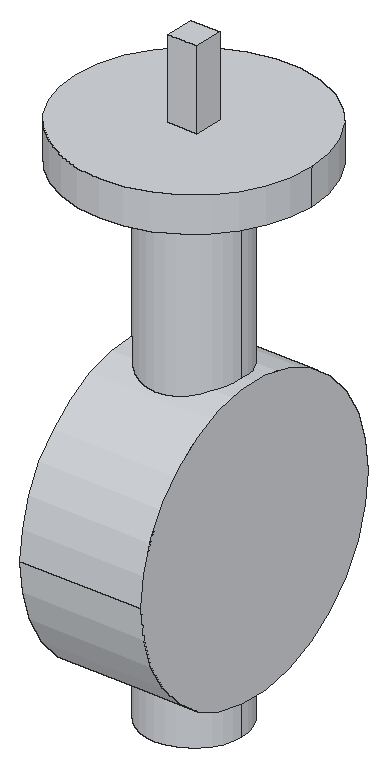
Revit family "HS497-67_disk-litina-volné vřeteno DN065-RFA_2019", category Pipe Accessories, Revit 2019
Family settings
  Round Connector Dimension = Use Diameter
  Part Type = Valve - Breaks Into
  Work Plane-Based = No
  Always vertical = Yes
  Cut with Voids When Loaded = No
  Shared = No
Parameters (values of type "HS 497-67_DN065_PN16_volné vřeteno")
  magiProductId = "5e5e208646e34ec29f889baab5d08e"
  magiProductFamilyId = "53cea81e6f374d17b8841d9c72ad77"
  magiPartTypeId = 305
  isMeasuringValve [instance] = no
  ang2D [instance] = 0.00°
  X11 = 61.456 mm
  X1 = 25.456 mm
  W2D = 1000 mm
  VersionID = "2.0/2017.9.26.1/ZETKAMA_497_001"
  Use Minimum Symbol Size [instance] = yes
  URL = "http://www.hydronic.cz"
  Type Comments = "mezipřírubová; litinový disk; PN16; -10~+110°C (krátkodobě +120°C)"
  SW30 = no
  SW3 = no
  SW21 = no
  SW20 = no
  SW2 = no
  SW1 = yes
  R = 32.5 mm
  QmdConnectorList = "301;D;302;D"
  Productdata [instance] = ""
  NC = 50 mm
  Model = ""
  Manufacturer = "Hydronic Systems Prague s.r.o."
  MM20 = 25.456 mm
  MC Product Code = "123 065 (litinový disk, s volným vřetenem; DN65; PN16, kvs167)"
  M41 = 66 mm
  M4 = 44 mm
  LHL = 220 mm
  LHH3 = 2.45 mm
  LHH1 = 46.55 mm
  LH1 = 73.333 mm
  L4R__ve = -L4R  # -12.8 mm
  L4R = 12.8 mm
  L42__ve = -L42  # -96 mm
  L42 = 96 mm
  L41__ve = -L41  # -19.2 mm
  L41 = 19.2 mm
  L2D_Min = 3048 mm
  L2D = 216 mm
  L2 = 23 mm
  L1 = 36.8 mm
  L = 46 mm
  H = 30 mm
  G22 = 11.25 mm
  G2 = 22.5 mm
  G1 = 90 mm
  G = 90 mm
  F = 11 mm
  E44 = 31.25 mm
  E42 = 62.5 mm
  E4 = 125 mm
  E23 = 4.9 mm
  E22 = 19.6 mm
  E21 = 9.8 mm
  Description = "Mezipřírubová uzavírací klapka s volným vřetenem; litinový disk, DN65; PN16; kv167"
  DR2 = 32.5 mm
  DR = 108 mm
  DD1 = 15.625 mm
  DD = 12.5 mm
  D = 65 mm
  CAT0 = yes
  B2__ve = -B2  # -36.5 mm
  B2 = 36.5 mm
  A2 = 13.5 mm
  A1 = 89 mm
Types (43, lengths in mm): name | magiProductId | X11 | X1 | Type Comments | SW30 | SW3 | SW20 | SW2 | SW1 | R | NC | MM20 | MC Product Code | M41 | M4 | LHL | LHH3 | LHH1 | LH1 | L4R__ve | L4R | L42__ve | L42 | L41__ve | L41 | L2 | L1 | L | H | G | F | E44 | E42 | E4 | E23 | E22 | E21 | Description | DR2 | DR | DD1 | DD | D | B2__ve | B2 | A2 | A1
  HS 497-67_DN100_PN16_volné vřeteno | "65d1b245f4f142c78569c0602d5754" | 61.456 | 25.456 | "mezipřírubová; litinový disk; PN16; -10~+110°C (krátkodobě +120°C)" | no | no | no | no | yes | 50 | 50 | 25.456 | "123 100 (litinový disk, s volným vřetenem; DN100; PN16, kvs512)" | 66 | 44 | 220 | 2.45 | 46.55 | 73.333 | -12.8 | 12.8 | -96 | 96 | -19.2 | 19.2 | 26 | 41.6 | 52 | 30 | 90 | 11 | 31.25 | 62.5 | 125 | 4.9 | 19.6 | 9.8 | "Mezipřírubová uzavírací klapka s volným vřetenem; litinový disk, DN100; PN16; kvs512" | 50 | 147 | 15.625 | 12.5 | 100 | -56 | 56 | 16.5 | 98.5
  HS 497-67_DN100_PN16_převodové kolo | "11e91b807e674d428c8e796fcdcfe2" | 61.456 | 25.456 | "mezipřírubová; litinový disk; PN16; -10~+110°C (krátkodobě +120°C)" | yes | yes | no | no | no | 50 | 50 | 25.456 | "125 100 (litinový disk, s převodovým kolem; DN100; PN16, kvs512)" | 65.25 | 43.5 | 220 | 2.45 | 46.55 | 73.333 | -12.8 | 12.8 | -96 | 96 | -19.2 | 19.2 | 26 | 41.6 | 52 | 30 | 90 | 11 | 31.25 | 62.5 | 125 | 4.9 | 19.6 | 9.8 | "Mezipřírubová uzavírací klapka s převodovým kolem; litinový disk, DN100; PN16; kvs512" | 50 | 147 | 15.625 | 12.5 | 100 | -56 | 56 | 16.5 | 98.5
  HS 497-67_DN100_PN16_s pákou | "28172f0b3f4b47b28323ac71cf8749" | 61.456 | 25.456 | "mezipřírubová; litinový disk; PN16; -10~+110°C (krátkodobě +120°C)" | no | no | yes | yes | no | 50 | 50 | 25.456 | "120 100 (litinový disk, s pákou; DN100; PN16, kvs512)" | 66 | 44 | 260 | 3 | 57 | 86.667 | -12.8 | 12.8 | -96 | 96 | -19.2 | 19.2 | 26 | 41.6 | 52 | 30 | 90 | 11 | 31.25 | 62.5 | 125 | 6 | 24 | 12 | "Mezipřírubová uzavírací klapka s pákou; litinový disk, DN100; PN16; kvs512" | 50 | 147 | 15.625 | 12.5 | 100 | -56 | 56 | 16.5 | 98.5
  HS 497-67_DN125_PN16_volné vřeteno | "0d813d910fc14f628bb3c2efbd185c" | 61.456 | 25.456 | "mezipřírubová; litinový disk; PN16; -10~+110°C (krátkodobě +120°C)" | no | no | no | no | yes | 62.5 | 50 | 25.456 | "123 125 (litinový disk, s volným vřetenem; DN125; PN16, kvs872)" | 66 | 44 | 220 | 2.45 | 46.55 | 73.333 | -12.8 | 12.8 | -96 | 96 | -19.2 | 19.2 | 28 | 44.8 | 56 | 33 | 90 | 14 | 31.25 | 62.5 | 125 | 4.9 | 19.6 | 9.8 | "Mezipřírubová uzavírací klapka s volným vřetenem; litinový disk, DN125; PN16; kvs872" | 62.5 | 180 | 15.625 | 12.5 | 125 | -64 | 64 | 18 | 99.5
  HS 497-67_DN125_PN16_převodové kolo | "c56b7c13f372467684996fb1e0e229" | 61.456 | 25.456 | "mezipřírubová; litinový disk; PN16; -10~+110°C (krátkodobě +120°C)" | yes | yes | no | no | no | 62.5 | 50 | 25.456 | "125 125 (litinový disk, s převodovým kolem; DN125; PN16, kvs872)" | 65.25 | 43.5 | 220 | 2.45 | 46.55 | 73.333 | -13.5 | 13.5 | -101.25 | 101.25 | -20.25 | 20.25 | 28 | 44.8 | 56 | 33 | 90 | 14 | 40 | 80 | 160 | 4.9 | 19.6 | 9.8 | "Mezipřírubová uzavírací klapka s převodovým kolem; litinový disk, DN125; PN16; kvs872" | 62.5 | 180 | 20 | 16 | 125 | -64 | 64 | 18 | 99.5
  HS 497-67_DN125_PN16_s pákou | "105993c79a91492399feef7931321a" | 61.456 | 25.456 | "mezipřírubová; litinový disk; PN16; -10~+110°C (krátkodobě +120°C)" | no | no | yes | yes | no | 62.5 | 50 | 25.456 | "120 125 (litinový disk, s pákou; DN125; PN16, kvs872)" | 66 | 44 | 315 | 3.75 | 71.25 | 105 | -12.8 | 12.8 | -96 | 96 | -19.2 | 19.2 | 28 | 44.8 | 56 | 33 | 90 | 14 | 31.25 | 62.5 | 125 | 7.5 | 30 | 15 | "Mezipřírubová uzavírací klapka s pákou; litinový disk, DN125; PN16; kvs872" | 62.5 | 180 | 15.625 | 12.5 | 125 | -64 | 64 | 18 | 99.5
  HS 497-67_DN150_PN16_volné vřeteno | "50c80cb8ab434f55ab7796e5ac1331" | 61.456 | 25.456 | "mezipřírubová; litinový disk; PN16; -10~+110°C (krátkodobě +120°C)" | no | no | no | no | yes | 75 | 50 | 25.456 | "123 150 (litinový disk, s volným vřetenem; DN150; PN16, kvs1347)" | 66 | 44 | 220 | 2.45 | 46.55 | 73.333 | -12.8 | 12.8 | -96 | 96 | -19.2 | 19.2 | 28 | 44.8 | 56 | 33 | 90 | 14 | 31.25 | 62.5 | 125 | 4.9 | 19.6 | 9.8 | "Mezipřírubová uzavírací klapka s volným vřetenem; litinový disk, DN150; PN16; kvs1347" | 75 | 206 | 15.625 | 12.5 | 150 | -58 | 58 | 19.3 | 98.7
  HS 497-67_DN150_PN16_převodové kolo | "d94a1a0cf83b476eb10011b327f709" | 61.456 | 25.456 | "mezipřírubová; litinový disk; PN16; -10~+110°C (krátkodobě +120°C)" | yes | yes | no | no | no | 75 | 50 | 25.456 | "125 150 (litinový disk, s převodovým kolem; DN150; PN16, kvs1347)" | 65.25 | 43.5 | 220 | 2.45 | 46.55 | 73.333 | -13.5 | 13.5 | -101.25 | 101.25 | -20.25 | 20.25 | 28 | 44.8 | 56 | 33 | 90 | 14 | 40 | 80 | 160 | 4.9 | 19.6 | 9.8 | "Mezipřírubová uzavírací klapka s převodovým kolem; litinový disk, DN150; PN16; kvs1347" | 75 | 206 | 20 | 16 | 150 | -58 | 58 | 19.3 | 98.7
  HS 497-67_DN150_PN16_s pákou | "4d2835523fe84828bc50ff0a5a0dfb" | 61.456 | 25.456 | "mezipřírubová; litinový disk; PN16; -10~+110°C (krátkodobě +120°C)" | no | no | yes | yes | no | 75 | 50 | 25.456 | "120 150 (litinový disk, s pákou; DN150; PN16, kvs1347)" | 66 | 44 | 315 | 3.75 | 71.25 | 105 | -12.8 | 12.8 | -96 | 96 | -19.2 | 19.2 | 28 | 44.8 | 56 | 33 | 90 | 14 | 31.25 | 62.5 | 125 | 7.5 | 30 | 15 | "Mezipřírubová uzavírací klapka s pákou; litinový disk, DN150; PN16; kvs1347" | 75 | 206 | 15.625 | 12.5 | 150 | -58 | 58 | 19.3 | 98.7
  HS 497-67_DN200_PN16_volné vřeteno | "5b29029eaeba47139ee1055a4b9201" | 61.456 | 25.456 | "mezipřírubová; litinový disk; PN16; -10~+110°C (krátkodobě +120°C)" | no | no | no | no | yes | 100 | 50 | 25.456 | "123 200 (litinový disk, s volným vřetenem; DN200; PN16, kvs2675)" | 66 | 44 | 220 | 2.45 | 46.55 | 73.333 | -12.8 | 12.8 | -96 | 96 | -19.2 | 19.2 | 30 | 48 | 60 | 33 | 90 | 17 | 31.25 | 62.5 | 125 | 4.9 | 19.6 | 9.8 | "Mezipřírubová uzavírací klapka s volným vřetenem; litinový disk, DN200; PN16; kvs2675" | 100 | 257 | 15.625 | 12.5 | 200 | -70 | 70 | 22.5 | 102.5
  HS 497-67_DN200_PN16_převodové kolo | "b2793cc1fcc44cf2a35062cd67c04f" | 61.456 | 25.456 | "mezipřírubová; litinový disk; PN16; -10~+110°C (krátkodobě +120°C)" | yes | yes | no | no | no | 100 | 57 | 25.456 | "125 200 (litinový disk, s převodovým kolem; DN200; PN16, kvs2675)" | 78.75 | 52.5 | 220 | 2.45 | 46.55 | 73.333 | -15.2 | 15.2 | -114 | 114 | -22.8 | 22.8 | 30 | 48 | 60 | 33 | 90 | 17 | 50 | 100 | 200 | 4.9 | 19.6 | 9.8 | "Mezipřírubová uzavírací klapka s převodovým kolem; litinový disk, DN200; PN16; kvs2675" | 100 | 257 | 25 | 20 | 200 | -70 | 70 | 22.5 | 102.5
  HS 497-67_DN200_PN16_s pákou | "f88d96c7af224537a51e72d7d8fffe" | 61.456 | 25.456 | "mezipřírubová; litinový disk; PN16; -10~+110°C (krátkodobě +120°C)" | no | no | yes | yes | no | 100 | 50 | 25.456 | "120 200 (litinový disk, s pákou; DN200; PN16, kvs2675)" | 66 | 44 | 315 | 3.75 | 71.25 | 105 | -12.8 | 12.8 | -96 | 96 | -19.2 | 19.2 | 30 | 48 | 60 | 33 | 90 | 17 | 31.25 | 62.5 | 125 | 7.5 | 30 | 15 | "Mezipřírubová uzavírací klapka s pákou; litinový disk, DN200; PN16; kvs2675" | 100 | 257 | 15.625 | 12.5 | 200 | -70 | 70 | 22.5 | 102.5
  HS 497-67_DN250_PN16_volné vřeteno | "b662e8305ca2402b9c510e66e6aa55" | 88.77 | 36.77 | "mezipřírubová; litinový disk; PN16; -10~+110°C (krátkodobě +120°C)" | no | no | no | no | yes | 125 | 50 | 36.77 | "123 250 (litinový disk, s volným vřetenem; DN250; PN16, kvs4555)" | 66 | 44 | 220 | 2.45 | 46.55 | 73.333 | -12.8 | 12.8 | -96 | 96 | -19.2 | 19.2 | 34 | 54.4 | 68 | 23 | 130 | 22 | 31.25 | 62.5 | 125 | 4.9 | 19.6 | 9.8 | "Mezipřírubová uzavírací klapka s volným vřetenem; litinový disk, DN250; PN16; kvs4555" | 125 | 324 | 15.625 | 12.5 | 250 | -85 | 85 | 28.25 | 129.25
  HS 497-67_DN250_PN16_převodové kolo | "5ee9016806664ddfaa2632711f295c" | 88.77 | 36.77 | "mezipřírubová; litinový disk; PN16; -10~+110°C (krátkodobě +120°C)" | yes | yes | no | no | no | 125 | 70 | 36.77 | "125 250 (litinový disk, s převodovým kolem; DN250; PN16, kvs4555)" | 91.5 | 61 | 220 | 2.45 | 46.55 | 73.333 | -22.2 | 22.2 | -166.5 | 166.5 | -33.3 | 33.3 | 34 | 54.4 | 68 | 23 | 130 | 22 | 62.5 | 125 | 250 | 4.9 | 19.6 | 9.8 | "Mezipřírubová uzavírací klapka s převodovým kolem; litinový disk, DN250; PN16; kvs4555" | 125 | 324 | 31.25 | 25 | 250 | -85 | 85 | 28.25 | 129.25
  HS 497-67_DN300_PN16_volné vřeteno | "e1886f51ff004380a649519258edf2" | 88.77 | 36.77 | "mezipřírubová; litinový disk; PN16; -10~+110°C (krátkodobě +120°C)" | no | no | no | no | yes | 150 | 50 | 36.77 | "123 300 (litinový disk, s volným vřetenem; DN300; PN16, kvs7037)" | 66 | 44 | 220 | 2.45 | 46.55 | 73.333 | -12.8 | 12.8 | -96 | 96 | -19.2 | 19.2 | 39 | 62.4 | 78 | 23 | 130 | 22 | 31.25 | 62.5 | 125 | 4.9 | 19.6 | 9.8 | "Mezipřírubová uzavírací klapka s volným vřetenem; litinový disk, DN300; PN16; kvs7037" | 150 | 376 | 15.625 | 12.5 | 300 | -90 | 90 | 30.8 | 127.2
  HS 497-67_DN300_PN16_převodové kolo | "6860f094f77d42088fbebc3c97f755" | 88.77 | 36.77 | "mezipřírubová; litinový disk; PN16; -10~+110°C (krátkodobě +120°C)" | yes | yes | no | no | no | 150 | 70 | 36.77 | "125 300 (litinový disk, s převodovým kolem; DN300; PN16, kvs7037)" | 91.5 | 61 | 220 | 2.45 | 46.55 | 73.333 | -22.2 | 22.2 | -166.5 | 166.5 | -33.3 | 33.3 | 39 | 62.4 | 78 | 23 | 130 | 22 | 62.5 | 125 | 250 | 4.9 | 19.6 | 9.8 | "Mezipřírubová uzavírací klapka s převodovým kolem; litinový disk, DN300; PN16; kvs7037" | 150 | 376 | 31.25 | 25 | 300 | -90 | 90 | 30.8 | 127.2
  HS 497-67_DN032_PN16_volné vřeteno | "8c5f65de52aa4067a77564107e31b2" | 61.456 | 25.456 | "mezipřírubová; litinový disk; PN16; -10~+110°C (krátkodobě +120°C)" | no | no | no | no | yes | 16 | 50 | 25.456 | "123 032 (litinový disk, s volným vřetenem; DN32; PN16, kvs78)" | 66 | 44 | 220 | 2.45 | 46.55 | 73.333 | -12.8 | 12.8 | -96 | 96 | -19.2 | 19.2 | 16.5 | 26.4 | 33 | 30 | 90 | 11 | 31.25 | 62.5 | 125 | 4.9 | 19.6 | 9.8 | "Mezipřírubová uzavírací klapka s volným vřetenem; litinový disk, DN32; PN16; kvs78" | 16 | 68 | 15.625 | 12.5 | 32 | -44.2 | 44.2 | 10.25 | 76.25
  HS 497-67_DN032_PN16_převodové kolo | "60aaeffa8b3a4e809ef000e4660060" | 61.456 | 25.456 | "mezipřírubová; litinový disk; PN16; -10~+110°C (krátkodobě +120°C)" | yes | yes | no | no | no | 16 | 50 | 25.456 | "125 032 (litinový disk, s převodovým kolem; DN32; PN16, kvs78)" | 65.25 | 43.5 | 220 | 2.45 | 46.55 | 73.333 | -12.8 | 12.8 | -96 | 96 | -19.2 | 19.2 | 16.5 | 26.4 | 33 | 30 | 90 | 11 | 31.25 | 62.5 | 125 | 4.9 | 19.6 | 9.8 | "Mezipřírubová uzavírací klapka s převodovým kolem; litinový disk, DN32; PN16; kvs78" | 16 | 68 | 15.625 | 12.5 | 32 | -44.2 | 44.2 | 10.25 | 76.25
  HS 497-67_DN032_PN16_s pákou | "9ad8088d610749a1b871aa2aad8007" | 61.456 | 25.456 | "mezipřírubová; litinový disk; PN16; -10~+110°C (krátkodobě +120°C)" | no | no | yes | yes | no | 16 | 50 | 25.456 | "120 032 (litinový disk, s pákou; DN32; PN16, kvs78)" | 66 | 44 | 220 | 2.45 | 46.55 | 73.333 | -12.8 | 12.8 | -96 | 96 | -19.2 | 19.2 | 16.5 | 26.4 | 33 | 30 | 90 | 11 | 31.25 | 62.5 | 125 | 4.9 | 19.6 | 9.8 | "Mezipřírubová uzavírací klapka s pákou; litinový disk, DN32; PN16; kvs78" | 16 | 68 | 15.625 | 12.5 | 32 | -44.2 | 44.2 | 10.25 | 76.25
  HS 497-67_DN350_PN10_volné vřeteno | "72a1e05f22944421b7e9596a877137" | 109.255 | 45.255 | "mezipřírubová; litinový disk; PN10; -10~+110°C (krátkodobě +120°C)" | no | no | no | no | yes | 175 | 50 | 45.255 | "123 350 (litinový disk, s volným vřetenem; DN350; PN10, kvs10165)" | 66 | 44 | 220 | 2.45 | 46.55 | 73.333 | -12.8 | 12.8 | -96 | 96 | -19.2 | 19.2 | 39 | 62.4 | 78 | 31 | 160 | 22 | 31.25 | 62.5 | 125 | 4.9 | 19.6 | 9.8 | "Mezipřírubová uzavírací klapka s volným vřetenem; litinový disk, DN350; PN10; kvs10165" | 175 | 430 | 15.625 | 12.5 | 350 | -88 | 88 | 33.85 | 129.65
  HS 497-67_DN350_PN10_převodové kolo | "a5a01426cb28494ba3afca92f1dace" | 109.255 | 45.255 | "mezipřírubová; litinový disk; PN10; -10~+110°C (krátkodobě +120°C)" | yes | yes | no | no | no | 175 | 70 | 45.255 | "125 350 (litinový disk, s převodovým kolem; DN350; PN10, kvs10165)" | 91.5 | 61 | 220 | 2.45 | 46.55 | 73.333 | -22.2 | 22.2 | -166.5 | 166.5 | -33.3 | 33.3 | 39 | 62.4 | 78 | 31 | 160 | 22 | 62.5 | 125 | 250 | 4.9 | 19.6 | 9.8 | "Mezipřírubová uzavírací klapka s převodovým kolem; litinový disk, DN350; PN10; kvs10165" | 175 | 430 | 31.25 | 25 | 350 | -88 | 88 | 33.85 | 129.65
  HS 497-67_DN400_PN10_volné vřeteno | "c70ebeb927c04ab99b176e257ad0a7" | 109.255 | 45.255 | "mezipřírubová; litinový disk; PN10; -10~+110°C (krátkodobě +120°C)" | no | no | no | no | yes | 200 | 50 | 45.255 | "123 400 (litinový disk, s volným vřetenem; DN400; PN10, kvs13799)" | 66 | 44 | 220 | 2.45 | 46.55 | 73.333 | -12.8 | 12.8 | -96 | 96 | -19.2 | 19.2 | 51 | 81.6 | 102 | 31 | 160 | 27 | 31.25 | 62.5 | 125 | 4.9 | 19.6 | 9.8 | "Mezipřírubová uzavírací klapka s volným vřetenem; litinový disk, DN400; PN10; kvs13799" | 200 | 485 | 15.625 | 12.5 | 400 | -108 | 108 | 38 | 142
  HS 497-67_DN400_PN10_převodové kolo | "cc64a4384dcb41b780d81810f4f293" | 109.255 | 45.255 | "mezipřírubová; litinový disk; PN10; -10~+110°C (krátkodobě +120°C)" | yes | yes | no | no | no | 200 | 72.5 | 45.255 | "125 400 (litinový disk, s převodovým kolem; DN400; PN10, kvs13799)" | 103.5 | 69 | 220 | 2.45 | 46.55 | 73.333 | -27.8 | 27.8 | -208.5 | 208.5 | -41.7 | 41.7 | 51 | 81.6 | 102 | 31 | 160 | 27 | 75 | 150 | 300 | 4.9 | 19.6 | 9.8 | "Mezipřírubová uzavírací klapka s převodovým kolem; litinový disk, DN400; PN10; kvs13799" | 200 | 485 | 37.5 | 30 | 400 | -108 | 108 | 38 | 142
  HS 497-67_DN040_PN16_volné vřeteno | "35f92312390745e88df5b5c325d9ee" | 61.456 | 25.456 | "mezipřírubová; litinový disk; PN16; -10~+110°C (krátkodobě +120°C)" | no | no | no | no | yes | 20 | 50 | 25.456 | "123 040 (litinový disk, s volným vřetenem; DN40; PN16, kvs78)" | 66 | 44 | 220 | 2.45 | 46.55 | 73.333 | -12.8 | 12.8 | -96 | 96 | -19.2 | 19.2 | 16.5 | 26.4 | 33 | 30 | 90 | 11 | 31.25 | 62.5 | 125 | 4.9 | 19.6 | 9.8 | "Mezipřírubová uzavírací klapka s volným vřetenem; litinový disk, DN40; PN16; kvs78" | 20 | 76 | 15.625 | 12.5 | 40 | -36 | 36 | 11 | 79
  HS 497-67_DN040_PN16_převodové kolo | "d88e968eae3445bc9b7b4e6ff35127" | 61.456 | 25.456 | "mezipřírubová; litinový disk; PN16; -10~+110°C (krátkodobě +120°C)" | yes | yes | no | no | no | 20 | 50 | 25.456 | "125 040 (litinový disk, s převodovým kolem; DN40; PN16, kvs78)" | 65.25 | 43.5 | 220 | 2.45 | 46.55 | 73.333 | -12.8 | 12.8 | -96 | 96 | -19.2 | 19.2 | 16.5 | 26.4 | 33 | 30 | 90 | 11 | 31.25 | 62.5 | 125 | 4.9 | 19.6 | 9.8 | "Mezipřírubová uzavírací klapka s převodovým kolem; litinový disk, DN40; PN16; kvs78" | 20 | 76 | 15.625 | 12.5 | 40 | -36 | 36 | 11 | 79
  HS 497-67_DN040_PN16_s pákou | "c1b522ca65b4407a98818f232eaacb" | 61.456 | 25.456 | "mezipřírubová; litinový disk; PN16; -10~+110°C (krátkodobě +120°C)" | no | no | yes | yes | no | 20 | 50 | 25.456 | "120 040 (litinový disk, s pákou; DN40; PN16, kvs78)" | 66 | 44 | 220 | 2.45 | 46.55 | 73.333 | -12.8 | 12.8 | -96 | 96 | -19.2 | 19.2 | 16.5 | 26.4 | 33 | 30 | 90 | 11 | 31.25 | 62.5 | 125 | 4.9 | 19.6 | 9.8 | "Mezipřírubová uzavírací klapka s pákou; litinový disk, DN40; PN16; kvs78" | 20 | 76 | 15.625 | 12.5 | 40 | -36 | 36 | 11 | 79
  HS 497-67_DN450_PN10_volné vřeteno | "a8358bc282f14872b3194e530e590a" | 129.74 | 53.74 | "mezipřírubová; litinový disk; PN10; -10~+110°C (krátkodobě +120°C)" | no | no | no | no | yes | 225 | 50 | 53.74 | "123 450 (litinový disk, s volným vřetenem; DN450; PN10, kvs18514)" | 66 | 44 | 220 | 2.45 | 46.55 | 73.333 | -12.8 | 12.8 | -96 | 96 | -19.2 | 19.2 | 57 | 91.2 | 114 | 38 | 190 | 36 | 31.25 | 62.5 | 125 | 4.9 | 19.6 | 9.8 | "Mezipřírubová uzavírací klapka s volným vřetenem; litinový disk, DN450; PN10; kvs18514" | 225 | 536 | 15.625 | 12.5 | 450 | -115 | 115 | 38.05 | 117.45
  HS 497-67_DN450_PN10_převodové kolo | "cdf2d80f54a9414f9cbe50647c0ebd" | 129.74 | 53.74 | "mezipřírubová; litinový disk; PN10; -10~+110°C (krátkodobě +120°C)" | yes | yes | no | no | no | 225 | 91.5 | 53.74 | "125 450 (litinový disk, s převodovým kolem; DN450; PN10, kvs18514)" | 144.75 | 96.5 | 220 | 2.45 | 46.55 | 73.333 | -32.1 | 32.1 | -240.75 | 240.75 | -48.15 | 48.15 | 57 | 91.2 | 114 | 38 | 190 | 36 | 100 | 200 | 400 | 4.9 | 19.6 | 9.8 | "Mezipřírubová uzavírací klapka s převodovým kolem; litinový disk, DN450; PN10; kvs18514" | 225 | 536 | 50 | 40 | 450 | -115 | 115 | 38.05 | 117.45
  HS 497-67_DN500_PN10_volné vřeteno | "8c396e27bb2743f98f3c762b6517cd" | 143.397 | 59.397 | "mezipřírubová; litinový disk; PN10; -10~+110°C (krátkodobě +120°C)" | no | no | no | no | yes | 250 | 50 | 59.397 | "123 500 (litinový disk, s volným vřetenem; DN500; PN10, kvs23805)" | 66 | 44 | 220 | 2.45 | 46.55 | 73.333 | -12.8 | 12.8 | -96 | 96 | -19.2 | 19.2 | 63.5 | 101.6 | 127 | 38 | 210 | 36 | 31.25 | 62.5 | 125 | 4.9 | 19.6 | 9.8 | "Mezipřírubová uzavírací klapka s volným vřetenem; litinový disk, DN500; PN10; kvs23805" | 250 | 593 | 15.625 | 12.5 | 500 | -130 | 130 | 43.25 | 139.25
  HS 497-67_DN500_PN10_převodové kolo | "7647804f32e94cef828a7034a91a46" | 143.397 | 59.397 | "mezipřírubová; litinový disk; PN10; -10~+110°C (krátkodobě +120°C)" | yes | yes | no | no | no | 250 | 91.5 | 59.397 | "125 500 (litinový disk, s převodovým kolem; DN500; PN10, kvs23805)" | 144.75 | 96.5 | 220 | 2.45 | 46.55 | 73.333 | -32.1 | 32.1 | -240.75 | 240.75 | -48.15 | 48.15 | 63.5 | 101.6 | 127 | 38 | 210 | 36 | 100 | 200 | 400 | 4.9 | 19.6 | 9.8 | "Mezipřírubová uzavírací klapka s převodovým kolem; litinový disk, DN500; PN10; kvs23805" | 250 | 593 | 50 | 40 | 500 | -130 | 130 | 43.25 | 139.25
  HS 497-67_DN050_volné vřeteno | "d71f296ecd6d4adf8f6e5d9853b4e0" | 61.456 | 25.456 | "mezipřírubová; litinový disk; PN16; -10~+110°C (krátkodobě +120°C)" | no | no | no | no | yes | 25 | 50 | 25.456 | "123 050 (litinový disk, s volným vřetenem; DN50; PN16, kvs98)" | 66 | 44 | 220 | 2.45 | 46.55 | 73.333 | -12.8 | 12.8 | -96 | 96 | -19.2 | 19.2 | 21.5 | 34.4 | 43 | 30 | 90 | 11 | 31.25 | 62.5 | 125 | 4.9 | 19.6 | 9.8 | "Mezipřírubová uzavírací klapka s volným vřetenem; litinový disk, DN50; PN16; kvs98" | 25 | 100 | 15.625 | 12.5 | 50 | -36.5 | 36.5 | 12 | 83
  HS 497-67_DN050_PN16_převodové kolo | "2fb080deeaed49c58418b94c1da5a4" | 61.456 | 25.456 | "mezipřírubová; litinový disk; PN16; -10~+110°C (krátkodobě +120°C)" | yes | yes | no | no | no | 25 | 50 | 25.456 | "125 050 (litinový disk, s převodovým kolem; DN50; PN16, kvs98)" | 65.25 | 43.5 | 220 | 2.45 | 46.55 | 73.333 | -12.8 | 12.8 | -96 | 96 | -19.2 | 19.2 | 21.5 | 34.4 | 43 | 30 | 90 | 11 | 31.25 | 62.5 | 125 | 4.9 | 19.6 | 9.8 | "Mezipřírubová uzavírací klapka s převodovým kolem; litinový disk, DN50; PN16; kvs98" | 25 | 100 | 15.625 | 12.5 | 50 | -36.5 | 36.5 | 12 | 83
  HS 497-67_DN050_PN16_s pákou | "dabc632061f94877a994b9b4e68112" | 61.456 | 25.456 | "mezipřírubová; litinový disk; PN16; -10~+110°C (krátkodobě +120°C)" | no | no | yes | yes | no | 25 | 50 | 25.456 | "120 050 (litinový disk, s pákou; DN50; PN16, kvs98)" | 66 | 44 | 220 | 2.45 | 46.55 | 73.333 | -12.8 | 12.8 | -96 | 96 | -19.2 | 19.2 | 21.5 | 34.4 | 43 | 30 | 90 | 11 | 31.25 | 62.5 | 125 | 4.9 | 19.6 | 9.8 | "Mezipřírubová uzavírací klapka s pákou; litinový disk, DN50; PN16; kvs98" | 25 | 100 | 15.625 | 12.5 | 50 | -36.5 | 36.5 | 12 | 83
  HS 497-67_DN600_PN10_volné vřeteno | "99d5892c14664fce81a7c5903f7711" | 143.397 | 59.397 | "mezipřírubová; litinový disk; PN10; -10~+110°C (krátkodobě +120°C)" | no | no | no | no | yes | 300 | 50 | 59.397 | "123 600 (litinový disk, s volným vřetenem; DN600; PN10, kvs36778)" | 66 | 44 | 220 | 2.45 | 46.55 | 73.333 | -12.8 | 12.8 | -96 | 96 | -19.2 | 19.2 | 77 | 123.2 | 154 | 80 | 210 | 60 | 31.25 | 62.5 | 125 | 4.9 | 19.6 | 9.8 | "Mezipřírubová uzavírací klapka s volným vřetenem; litinový disk, DN600; PN10; kvs36788" | 300 | 690 | 15.625 | 12.5 | 600 | -140 | 140 | 49.4 | 144.6
  HS 497-67_DN600_PN10_převodové kolo | "b1e26faab48a4c499f6bb11e7e3002" | 143.397 | 59.397 | "mezipřírubová; litinový disk; PN10; -10~+110°C (krátkodobě +120°C)" | yes | yes | no | no | no | 300 | 140 | 59.397 | "125 600 (litinový disk, s převodovým kolem; DN600; PN10, kvs36778)" | 206.25 | 137.5 | 220 | 2.45 | 46.55 | 73.333 | -40.8 | 40.8 | -306 | 306 | -61.2 | 61.2 | 77 | 123.2 | 154 | 80 | 210 | 60 | 125 | 250 | 500 | 4.9 | 19.6 | 9.8 | "Mezipřírubová uzavírací klapka s převodovým kolem; litinový disk, DN600; PN10; kvs36788" | 300 | 690 | 62.5 | 50 | 600 | -140 | 140 | 49.4 | 144.6
  HS 497-67_DN065_PN16_volné vřeteno | "5e5e208646e34ec29f889baab5d08e" | 61.456 | 25.456 | "mezipřírubová; litinový disk; PN16; -10~+110°C (krátkodobě +120°C)" | no | no | no | no | yes | 32.5 | 50 | 25.456 | "123 065 (litinový disk, s volným vřetenem; DN65; PN16, kvs167)" | 66 | 44 | 220 | 2.45 | 46.55 | 73.333 | -12.8 | 12.8 | -96 | 96 | -19.2 | 19.2 | 23 | 36.8 | 46 | 30 | 90 | 11 | 31.25 | 62.5 | 125 | 4.9 | 19.6 | 9.8 | "Mezipřírubová uzavírací klapka s volným vřetenem; litinový disk, DN65; PN16; kv167" | 32.5 | 108 | 15.625 | 12.5 | 65 | -36.5 | 36.5 | 13.5 | 89
  HS 497-67_DN065_PN16_převodové kolo | "654d74c8d15540b0bfe523d988ccb3" | 61.456 | 25.456 | "mezipřírubová; litinový disk; PN16; -10~+110°C (krátkodobě +120°C)" | yes | yes | no | no | no | 32.5 | 50 | 25.456 | "125 065 (litinový disk, s převodovým kolem; DN65; PN16, kvs167)" | 65.25 | 43.5 | 220 | 2.45 | 46.55 | 73.333 | -12.8 | 12.8 | -96 | 96 | -19.2 | 19.2 | 23 | 36.8 | 46 | 30 | 90 | 11 | 31.25 | 62.5 | 125 | 4.9 | 19.6 | 9.8 | "Mezipřírubová uzavírací klapka s převodovým kolem; litinový disk, DN65; PN16; kvs167" | 32.5 | 108 | 15.625 | 12.5 | 65 | -36.5 | 36.5 | 13.5 | 89
  HS 497-67_DN065_PN16_s pákou | "ebeb4b59db0641caaf6d6635ab37b9" | 61.456 | 25.456 | "mezipřírubová; litinový disk; PN16; -10~+110°C (krátkodobě +120°C)" | no | no | yes | yes | no | 32.5 | 50 | 25.456 | "120 065 (litinový disk, s pákou; DN65; PN16, kvs167)" | 66 | 44 | 220 | 2.45 | 46.55 | 73.333 | -12.8 | 12.8 | -96 | 96 | -19.2 | 19.2 | 23 | 36.8 | 46 | 30 | 90 | 11 | 31.25 | 62.5 | 125 | 4.9 | 19.6 | 9.8 | "Mezipřírubová uzavírací klapka s pákou; litinový disk, DN65; PN16; kvs167" | 32.5 | 108 | 15.625 | 12.5 | 65 | -36.5 | 36.5 | 13.5 | 89
  HS 497-67_DN080_PN16_volné vřeteno | "9e85c75c18654e1185a9c48ed6b00e" | 61.456 | 25.456 | "mezipřírubová; litinový disk; PN16; -10~+110°C (krátkodobě +120°C)" | no | no | no | no | yes | 40 | 50 | 25.456 | "123 080 (litinový disk, s volným vřetenem; DN80; PN16, kvs258)" | 66 | 44 | 220 | 2.45 | 46.55 | 73.333 | -12.8 | 12.8 | -96 | 96 | -19.2 | 19.2 | 23 | 36.8 | 46 | 30 | 90 | 11 | 31.25 | 62.5 | 125 | 4.9 | 19.6 | 9.8 | "Mezipřírubová uzavírací klapka s volným vřetenem; litinový disk, DN80; PN16; kvs258" | 40 | 124 | 15.625 | 12.5 | 80 | -54 | 54 | 14.1 | 86.9
  HS 497-67_DN080_PN16_převodové kolo | "5b3c8238c3d041e68c75b199e7ea46" | 61.456 | 25.456 | "mezipřírubová; litinový disk; PN16; -10~+110°C (krátkodobě +120°C)" | yes | yes | no | no | no | 40 | 50 | 25.456 | "125 080 (litinový disk, s převodovým kolem; DN80; PN16, kvs258)" | 65.25 | 43.5 | 220 | 2.45 | 46.55 | 73.333 | -12.8 | 12.8 | -96 | 96 | -19.2 | 19.2 | 23 | 36.8 | 46 | 30 | 90 | 11 | 31.25 | 62.5 | 125 | 4.9 | 19.6 | 9.8 | "Mezipřírubová uzavírací klapka s převodovým kolem; litinový disk, DN80; PN16; kvs258" | 40 | 124 | 15.625 | 12.5 | 80 | -54 | 54 | 14.1 | 86.9
  HS 497-67_DN080_PN16_s pákou | "e414795fab0f4eccb99bc3572c5477" | 61.456 | 25.456 | "mezipřírubová; litinový disk; PN16; -10~+110°C (krátkodobě +120°C)" | no | no | yes | yes | no | 40 | 50 | 25.456 | "120 080 (litinový disk, s pákou; DN80; PN16, kvs258)" | 66 | 44 | 260 | 3 | 57 | 86.667 | -12.8 | 12.8 | -96 | 96 | -19.2 | 19.2 | 23 | 36.8 | 46 | 30 | 90 | 11 | 31.25 | 62.5 | 125 | 6 | 24 | 12 | "Mezipřírubová uzavírací klapka s pákou; litinový disk, DN80; PN16; kvs258" | 40 | 124 | 15.625 | 12.5 | 80 | -54 | 54 | 14.1 | 86.9
  HS 497-67_DN250_PN16_s pákou | "" | 88.77 | 36.77 | "mezipřírubová; litinový disk; PN16; -10~+110°C (krátkodobě +120°C)" | no | no | yes | yes | no | 125 | 70 | 36.77 | "120 250 (litinový disk, s pákou; DN250; PN16, kvs4555)" | 91.5 | 61 | 220 | 2.45 | 46.55 | 73.333 | -22.2 | 22.2 | -166.5 | 166.5 | -33.3 | 33.3 | 34 | 54.4 | 68 | 23 | 130 | 22 | 62.5 | 125 | 250 | 4.9 | 19.6 | 9.8 | "Mezipřírubová uzavírací klapka s pákou; litinový disk, DN250; PN16; kvs4555" | 125 | 324 | 31.25 | 25 | 250 | -85 | 85 | 28.25 | 129.25
  HS 497-67_DN300_PN16_s pákou | "" | 88.77 | 36.77 | "mezipřírubová; litinový disk; PN16; -10~+110°C (krátkodobě +120°C)" | no | no | yes | yes | no | 150 | 70 | 36.77 | "120 300 (litinový disk, s pákou; DN300; PN16, kvs7037)" | 91.5 | 61 | 220 | 2.45 | 46.55 | 73.333 | -22.2 | 22.2 | -166.5 | 166.5 | -33.3 | 33.3 | 39 | 62.4 | 78 | 23 | 130 | 22 | 62.5 | 125 | 250 | 4.9 | 19.6 | 9.8 | "Mezipřírubová uzavírací klapka s pákou; litinový disk, DN300; PN16; kvs7037" | 150 | 376 | 31.25 | 25 | 300 | -90 | 90 | 30.8 | 127.2
Reference planes
  plane 1 "Center (Front/Back)": y = 0
  plane 2 "XYPLANE": z = 0
  plane 3 "Center (Left/Right)": x = 0
  plane 4 "473": x = -25.456
  plane 5 "472": x = -66
  plane 6 "471": y = -25.456
  plane 7 "470": y = 25.456
  plane 8 "469": x = -44
  plane 9 "468": y = -115.2
  plane 10 "467": y = -96
  plane 11 "466": z = 166.25
  plane 12 "465": z = 181.55
  plane 13 "464": y = 145.417
  plane 14 "463": z = 171.75
  plane 15 "462": z = 154.6
  plane 16 "461": z = 164.4
  plane 17 "460": y = 72.083
  plane 18 "459": x = -11.25
  plane 19 "458": x = 11.25
  plane 20 "457": y = -6.25
  plane 21 "456": x = -17.5
  plane 22 "455": x = 17.5
  plane 23 "454": z = 169.3
  plane 24 "453": y = 62.083
  plane 25 "452": y = -11.25
  plane 26 "451": x = -22.5
  plane 27 "450": x = 22.5
  plane 28 "449": z = 149.7
  plane 29 "448": z = 144.8
  plane 30 "447": z = -32.5
  plane 31 "446": z = 135
  plane 32 "445": z = 121.5
  plane 33 "444": z = 32.5
  plane 34 "443": x = 23
  plane 35 "442": x = -23
  plane 36 "441": z = 0
  plane 37 "440": y = 0
  plane 38 "439": x = 0
  plane 39 "438": z = 184
  plane 40 "437": z = 169.3
  plane 41 "436": x = 13.7
  plane 42 "435": x = -13.7
  plane 43 "434": y = 220
Forms (mm)
  Extrusion 1, solid, visible <- "SW3"
    sketch origin (-750, 0, 135) x (1, 0, 0) y (0, 1, 0)
      loop
        line (684, 25.456) -> (684, -25.456) -> (724.544, -25.456)
        arc (724.544, -25.456) -> (786, 0) -> (724.544, 25.456) r 36
        line (724.544, 25.456) -> (684, 25.456)
    from 0 to 62.5 <- "E42"
  Extrusion 2, solid, visible <- "SW30"
    sketch origin (0, -750, 0) x (0, 1, 0) y (0, 0, 1)
      loop
        circle (750, 166.25) r 7.813
    from 0 to 50 <- "NC"
  Extrusion 3, solid, visible <- "SW30"
    sketch origin (750, -115.2, 0) x (-1, 0, 0) y (0, 0, 1)
      loop
        circle (794, 166.25) r 62.5
    from 0 to -12.8 <- "L4R__ve"
  Extrusion 4, solid, visible <- "SW3"
    sketch origin (750, -96, 0) x (-1, 0, 0) y (0, 0, 1)
      loop
        circle (794, 166.25) r 7.813
    from 0 to -19.2 <- "L41__ve"
  Extrusion 5, solid, visible <- "SW30"
    sketch origin (750, 0, 0) x (-1, 0, 0) y (0, 0, 1)
      loop
        circle (794, 166.25) r 6.25
    from 0 to -96 <- "L42__ve"
  Blend 6, solid, visible <- "SW21"
    base sketch origin (750, 72.083, 0) x (-1, 0, 0) y (0, 0, 1)
      loop
        line (761.25, 164.4) -> (738.75, 164.4) -> (738.75, 154.6) -> (761.25, 154.6) -> (761.25, 164.4)
    top sketch origin (750, 72.083, 0) x (-1, 0, 0) y (0, 0, 1)
      loop
        line (761.25, 181.55) -> (738.75, 181.55) -> (738.75, 171.75) -> (761.25, 171.75) -> (761.25, 181.55)
    from 0 to 73.333
  Blend 7, solid, visible <- "SW21"
    base sketch origin (750, 62.083, 0) x (-1, 0, 0) y (0, 0, 1)
      loop
        line (761.25, 169.3) -> (738.75, 169.3) -> (738.75, 149.7) -> (761.25, 149.7) -> (761.25, 169.3)
    top sketch origin (750, 62.083, 0) x (-1, 0, 0) y (0, 0, 1)
      loop
        line (761.25, 164.4) -> (738.75, 164.4) -> (738.75, 154.6) -> (761.25, 154.6) -> (761.25, 164.4)
    from 0 to 10
  Blend 8, solid, visible <- "SW21"
    base sketch origin (-750, 0, 149.7) x (1, 0, 0) y (0, 1, 0)
      loop
        line (772.5, 62.083) -> (727.5, 62.083) -> (727.5, -11.25)
        arc (727.5, -11.25) -> (750, -31.25) -> (772.5, -11.25) r 22.656
        line (772.5, -11.25) -> (772.5, 62.083)
    top sketch origin (-750, 0, 149.7) x (1, 0, 0) y (0, 1, 0)
      loop
        line (767.5, 62.083) -> (732.5, 62.083) -> (732.5, -6.25)
        arc (732.5, -6.25) -> (750, -26.25) -> (767.5, -6.25) r 17.656
        line (767.5, -6.25) -> (767.5, 62.083)
    from 0 to 19.6
  Extrusion 9, solid, visible <- "SW2"
    sketch origin (-750, 0, 144.8) x (1, 0, 0) y (0, 1, 0)
      loop
        circle (750, 0) r 11.25
    from 0 to 4.9 <- "E23"
  Extrusion 10, solid, visible <- "SW2"
    sketch origin (-750, 0, 135) x (1, 0, 0) y (0, 1, 0)
      loop
        circle (750, 0) r 45
    from 0 to 9.8 <- "E21"
  Extrusion 11, solid, visible <- "CAT0"
    sketch origin (-750, 0, -32.5) x (1, 0, 0) y (0, 1, 0)
      loop
        circle (750, 0) r 18.4
    from 0 to -36.5 <- "B2__ve"
  Extrusion 12, solid, visible <- "CAT0"
    sketch origin (-750, 0, 121.5) x (1, 0, 0) y (0, 1, 0)
      loop
        circle (750, 0) r 45
    from 0 to 13.5 <- "A2"
  Extrusion 13, solid, visible <- "CAT0"
    sketch origin (-750, 0, 32.5) x (1, 0, 0) y (0, 1, 0)
      loop
        circle (750, 0) r 18.4
    from 0 to 89 <- "A1"
  Extrusion 14, solid, visible <- "CAT0"
    sketch origin (-23, -750, 0) x (0, 1, 0) y (0, 0, 1)
      loop
        circle (750, 0) r 54
    from 0 to 46 <- "L"
  Extrusion 15, solid, visible <- "SW1"
    sketch origin (-750, 0, 135) x (1, 0, 0) y (0, 1, 0)
      loop
        line (755.5, 5.5) -> (744.5, 5.5) -> (744.5, -5.5) -> (755.5, -5.5) -> (755.5, 5.5)
    from 0 to 30 <- "H"
  Blend 16, solid, visible <- "SW2"
    base sketch origin (750, 145.417, 0) x (-1, 0, 0) y (0, 0, 1)
      loop
        arc (763.7, 179) -> (762.236, 182.536) -> (758.7, 184) r 5
        line (758.7, 184) -> (741.3, 184)
        arc (741.3, 184) -> (737.764, 182.536) -> (736.3, 179) r 5
        line (736.3, 179) -> (736.3, 174.3)
        arc (736.3, 174.3) -> (737.764, 170.764) -> (741.3, 169.3) r 5
        line (741.3, 169.3) -> (758.7, 169.3)
        arc (758.7, 169.3) -> (762.236, 170.764) -> (763.7, 174.3) r 5
        line (763.7, 174.3) -> (763.7, 179)
    top sketch origin (750, 145.417, 0) x (-1, 0, 0) y (0, 0, 1)
      loop
        arc (763.7, 179) -> (762.236, 182.536) -> (758.7, 184) r 5
        line (758.7, 184) -> (741.3, 184)
        arc (741.3, 184) -> (737.764, 182.536) -> (736.3, 179) r 5
        line (736.3, 179) -> (736.3, 174.3)
        arc (736.3, 174.3) -> (737.764, 170.764) -> (741.3, 169.3) r 5
        line (741.3, 169.3) -> (758.7, 169.3)
        arc (758.7, 169.3) -> (762.236, 170.764) -> (763.7, 174.3) r 5
        line (763.7, 174.3) -> (763.7, 179)
    from 0 to 74.583
  Blend 17, solid, visible <- "SW20"
    base sketch origin (750, 145.417, 0) x (-1, 0, 0) y (0, 0, 1)
      loop
        line (763.7, 184) -> (736.3, 184) -> (736.3, 169.3) -> (763.7, 169.3) -> (763.7, 184)
    top sketch origin (750, 145.417, 0) x (-1, 0, 0) y (0, 0, 1)
      loop
        line (761.25, 169.3) -> (738.75, 169.3) -> (738.75, 149.7) -> (761.25, 149.7) -> (761.25, 169.3)
    from 0 to -83.333
  Extrusion 18, solid, visible <- "SW20"
    sketch origin (-750, 0, 149.7) x (1, 0, 0) y (0, 1, 0)
      loop
        line (772.5, 62.083) -> (727.5, 62.083) -> (727.5, -11.25)
        arc (727.5, -11.25) -> (750, -31.25) -> (772.5, -11.25) r 22.656
        line (772.5, -11.25) -> (772.5, 62.083)
    from 0 to 19.6 <- "E22"
  Extrusion 19, solid, not visible
    sketch origin (-23, -750, 0) x (0, 1, 0) y (0, 0, 1)
      loop
        circle (750, 0) r 10
    from 0 to 10
  Extrusion 20, solid, not visible
    sketch origin (23, -750, 0) x (0, 1, 0) y (0, 0, 1)
      loop
        circle (750, 0) r 10
    from 0 to -10
Lines and regions (mm)
  reference lines, not visible
    curve 1: circle (2, 2, 0) r 1 normal (0, 0, 1)
  reference lines
    curve 2: line (-25.456, -25.456, 135) -> (-25.456, 25.456, 135)
    curve 3: line (-17.5, -6.25, 149.7) -> (17.5, -6.25, 149.7)
    curve 4: line (-22.5, -11.25, 149.7) -> (22.5, -11.25, 149.7)
    curve 5: circle (0, 0, 135) r 1 normal (0, 0, 1)
    curve 6: line (-22.5, -11.25, 149.7) -> (22.5, -11.25, 149.7)
Dimensions and locks
  plane 1 "Center (Front/Back)" to curve 1 = 2 mm
  "X1": plane 3 "Center (Left/Right)" to plane 4 "473"
  "M41": plane 3 "Center (Left/Right)" to plane 5 "472"
  "MM20": plane 1 "Center (Front/Back)" to plane 6 "471"
  "MM20": plane 1 "Center (Front/Back)" to plane 7 "470"
  "M4": plane 3 "Center (Left/Right)" to plane 8 "469"
  "L41": plane 10 "467" to plane 9 "468"
  "L42": plane 1 "Center (Front/Back)" to plane 10 "467"
  "E44": plane 31 "446" to plane 11 "466"
  "LHH1": plane 31 "446" to plane 12 "465"
  "LH1": plane 17 "460" to plane 13 "464"
  "E21": plane 12 "465" to plane 14 "463"
  "E21": plane 16 "461" to plane 15 "462"
  "E23": plane 23 "454" to plane 16 "461"
  locked: plane 24 "453" to plane 17 "460" at 10
  "G22": plane 3 "Center (Left/Right)" to plane 18 "459"
  "G22": plane 3 "Center (Left/Right)" to plane 19 "458"
  locked: plane 25 "452" to plane 20 "457" at 5
  locked: plane 26 "451" to plane 21 "456" at 5
  locked: plane 27 "450" to plane 22 "455" at 5
  "E22": plane 28 "449" to plane 23 "454"
  "LH1": plane 25 "452" to plane 24 "453"
  "G22": plane 1 "Center (Front/Back)" to plane 25 "452"
  "G2": plane 3 "Center (Left/Right)" to plane 26 "451"
  "G2": plane 3 "Center (Left/Right)" to plane 27 "450"
  "E23": plane 29 "448" to plane 28 "449"
  "E21": plane 31 "446" to plane 29 "448"
  "R": plane 2 "XYPLANE" to plane 30 "447"
  "A2": plane 32 "445" to plane 31 "446"
  "A1": plane 33 "444" to plane 32 "445"
  "DR2": plane 2 "XYPLANE" to plane 33 "444"
  "L2": plane 3 "Center (Left/Right)" to plane 34 "443"
  "L2": plane 3 "Center (Left/Right)" to plane 35 "442"
  locked: plane 2 "XYPLANE" to plane 36 "441"
  locked: plane 1 "Center (Front/Back)" to plane 37 "440"
  locked: plane 3 "Center (Left/Right)" to plane 38 "439"
  "LHH3": plane 12 "465" to plane 39 "438"
  "LHH3": plane 14 "463" to plane 40 "437"
  "LHH3": plane 19 "458" to plane 41 "436"
  "LHH3": plane 18 "459" to plane 42 "435"
  "LHL": plane 1 "Center (Front/Back)" to plane 43 "434"
  "X11": curve 2 to Extrusion 1 sketch curve
  Extrusion 1 sketch curve to Extrusion 1 sketch curve = 0 mm  (x8)
  Blend 6 sketch curve to Blend 6 sketch curve = 0 mm  (x16)
  Blend 7 sketch curve to Blend 7 sketch curve = 0 mm  (x16)
  Blend 8 sketch curve to Blend 8 sketch curve = 0 mm  (x16)
  equal spacing: Extrusion 15 sketch curve, curve 5, Extrusion 15 sketch curve  (x2)
  "F": Extrusion 15 sketch curve to Extrusion 15 sketch curve  (x2)
  Blend 16 sketch curve to Blend 16 sketch curve = 0 mm  (x32)
  Blend 17 sketch curve to Blend 17 sketch curve = 0 mm  (x16)
  Extrusion 18 sketch curve to Extrusion 18 sketch curve = 0 mm  (x8)
  "DD1": diameter of Extrusion 2 sketch curve
  "E4": diameter of Extrusion 3 sketch curve
  "DD1": diameter of Extrusion 4 sketch curve
  "DD": diameter of Extrusion 5 sketch curve
  "G2": diameter of Extrusion 9 sketch curve
  "G1": diameter of Extrusion 10 sketch curve
  "L1": diameter of Extrusion 11 sketch curve
  "G": diameter of Extrusion 12 sketch curve
  "L1": diameter of Extrusion 13 sketch curve
  "DR": diameter of Extrusion 14 sketch curve
  radius of Blend 16 sketch curve = 5 mm  (x8)
  aligned and locked: level to plane 2 "XYPLANE"
  aligned and locked: Extrusion 1 sketch curve to plane 5 "472"
  aligned and locked: plane 7 "470" to Extrusion 1 sketch curve
  aligned and locked: plane 6 "471" to Extrusion 1 sketch curve
  aligned and locked: plane 5 "472" to Extrusion 1 sketch curve
  aligned and locked: plane 4 "473" to Extrusion 1 sketch curve  (x2)
  aligned and locked: plane 4 "473" to curve 2
  aligned and locked: plane 6 "471" to curve 2
  aligned and locked: plane 7 "470" to curve 2
  aligned and locked: Extrusion 1 sketch curve to plane 7 "470"
  aligned and locked: plane 11 "466" to Extrusion 2 sketch curve
  aligned and locked: plane 37 "440" to Extrusion 2 sketch curve
  aligned and locked: plane 8 "469" to Extrusion 3 sketch curve
  aligned and locked: plane 11 "466" to Extrusion 3 sketch curve
  aligned and locked: plane 8 "469" to Extrusion 4 sketch curve
  aligned and locked: plane 11 "466" to Extrusion 4 sketch curve
  aligned and locked: plane 8 "469" to Extrusion 5 sketch curve
  aligned and locked: plane 11 "466" to Extrusion 5 sketch curve
  aligned and locked: plane 12 "465" to Blend 6 sketch curve  (x2)
  aligned and locked: plane 18 "459" to Blend 6 sketch curve  (x4)
  aligned and locked: plane 19 "458" to Blend 6 sketch curve  (x4)
  aligned and locked: plane 14 "463" to Blend 6 sketch curve  (x2)
  aligned and locked: plane 16 "461" to Blend 6 sketch curve  (x2)
  aligned and locked: plane 15 "462" to Blend 6 sketch curve  (x2)
  aligned and locked: plane 13 "464" to Blend 6
  aligned and locked: plane 16 "461" to Blend 7 sketch curve  (x2)
  aligned and locked: plane 18 "459" to Blend 7 sketch curve  (x4)
  aligned and locked: plane 19 "458" to Blend 7 sketch curve  (x4)
  aligned and locked: plane 15 "462" to Blend 7 sketch curve  (x2)
  aligned and locked: plane 23 "454" to Blend 7 sketch curve  (x2)
  aligned and locked: plane 28 "449" to Blend 7 sketch curve  (x2)
  aligned and locked: plane 17 "460" to Blend 7
  aligned and locked: plane 24 "453" to Blend 8 sketch curve  (x4)
  aligned and locked: plane 22 "455" to Blend 8 sketch curve  (x2)
  aligned and locked: plane 21 "456" to Blend 8 sketch curve
  aligned and locked: plane 20 "457" to Blend 8 sketch curve  (x2)
  aligned and locked: curve 3 to plane 20 "457"
  aligned and locked: plane 21 "456" to curve 3
  aligned and locked: plane 22 "455" to curve 3
  aligned and locked: plane 27 "450" to Blend 8 sketch curve  (x2)
  aligned and locked: plane 26 "451" to Blend 8 sketch curve
  aligned and locked: plane 25 "452" to Blend 8 sketch curve  (x2)
  aligned and locked: curve 4 to plane 25 "452"
  aligned and locked: plane 26 "451" to curve 4
  aligned and locked: plane 27 "450" to curve 4
  aligned and locked: plane 23 "454" to Blend 8
  aligned and locked: plane 37 "440" to Extrusion 9 sketch curve
  aligned and locked: plane 38 "439" to Extrusion 9 sketch curve
  aligned and locked: plane 37 "440" to Extrusion 10 sketch curve
  aligned and locked: plane 38 "439" to Extrusion 10 sketch curve
  aligned and locked: plane 37 "440" to Extrusion 11 sketch curve
  aligned and locked: plane 38 "439" to Extrusion 11 sketch curve
  aligned and locked: plane 37 "440" to Extrusion 12 sketch curve
  aligned and locked: plane 38 "439" to Extrusion 12 sketch curve
  aligned and locked: plane 37 "440" to Extrusion 13 sketch curve
  aligned and locked: plane 38 "439" to Extrusion 13 sketch curve
  aligned and locked: plane 36 "441" to Extrusion 14 sketch curve
  aligned and locked: Extrusion 14 sketch curve to plane 37 "440"
  aligned and locked: plane 37 "440" to curve 5
  aligned and locked: plane 38 "439" to curve 5
  aligned and locked: plane 39 "438" to Blend 16 sketch curve  (x2)
  aligned and locked: plane 41 "436" to Blend 16 sketch curve  (x2)
  aligned and locked: Blend 16 sketch curve to plane 40 "437"  (x2)
  aligned and locked: Blend 16 sketch curve to plane 42 "435"  (x2)
  aligned and locked: plane 43 "434" to Blend 16
  aligned and locked: plane 23 "454" to Blend 17 sketch curve  (x2)
  aligned and locked: plane 18 "459" to Blend 17 sketch curve  (x2)
  aligned and locked: plane 19 "458" to Blend 17 sketch curve  (x2)
  aligned and locked: plane 28 "449" to Blend 17 sketch curve  (x2)
  aligned and locked: plane 39 "438" to Blend 17 sketch curve  (x2)
  aligned and locked: plane 42 "435" to Blend 17 sketch curve  (x2)
  aligned and locked: plane 41 "436" to Blend 17 sketch curve  (x2)
  aligned and locked: plane 40 "437" to Blend 17 sketch curve  (x2)
  aligned and locked: Blend 17 to plane 24 "453"
  aligned and locked: plane 24 "453" to Extrusion 18 sketch curve  (x2)
  aligned and locked: plane 27 "450" to Extrusion 18 sketch curve  (x2)
  aligned and locked: plane 26 "451" to Extrusion 18 sketch curve
  aligned and locked: plane 25 "452" to Extrusion 18 sketch curve  (x2)
  aligned and locked: curve 6 to plane 25 "452"
  aligned and locked: plane 26 "451" to curve 6
  aligned and locked: plane 27 "450" to curve 6
  aligned and locked: plane 36 "441" to Extrusion 19 sketch curve
  aligned and locked: Extrusion 19 sketch curve to plane 37 "440"
  aligned and locked: plane 36 "441" to Extrusion 20 sketch curve
  aligned and locked: Extrusion 20 sketch curve to plane 37 "440"
Automatic sketch dimensions
  Blend 8 sketch curve to plane 20 "457" = 2.344 mm  (x2)
  Extrusion 18 sketch curve to plane 20 "457" = 2.344 mm
  plane 25 "452" to Extrusion 19 sketch curve = 1.25 mm
  plane 25 "452" to Extrusion 20 sketch curve = 1.25 mm
  plane 3 "Center (Left/Right)" to curve 1 = 2 mm
  Extrusion 15 sketch curve to plane 3 "Center (Left/Right)" = 5.5 mm
  plane 20 "457" to Extrusion 15 sketch curve = 0.75 mm
  radius of curve 5 = 1 mm
  radius of curve 1 = 1 mm
Connectors
  piping at (-23, 0, 0), diameter 65, driven by "D"
    settings: on Extrusion 19, index 1, connector inside diameter 609.6 mm, connector length 0 mm, flow factor 0, pipe flow 0.0 L/s, pressure drop 0.0 Pa, fitting loss kfactor 0, connector angle 0.00°, fixture units 0, engagement length 0 mm, angle of deflection 0.00°, flow configuration 0, flow direction 0, fitting loss method 0, system type 29, joint type 0, gender type 0, connector reference index 2, connector utility 0, adjustable connector no, is connector primary yes, connector description ""
  piping at (23, 0, 0), diameter 65, driven by "D"
    settings: on Extrusion 20, index 2, connector inside diameter 609.6 mm, connector length 0 mm, flow factor 0, pipe flow 0.0 L/s, pressure drop 0.0 Pa, fitting loss kfactor 0, connector angle 0.00°, fixture units 0, engagement length 0 mm, angle of deflection 0.00°, flow configuration 0, flow direction 0, fitting loss method 0, system type 29, joint type 0, gender type 0, connector reference index 1, connector utility 0, adjustable connector no, is connector primary no, connector description ""
